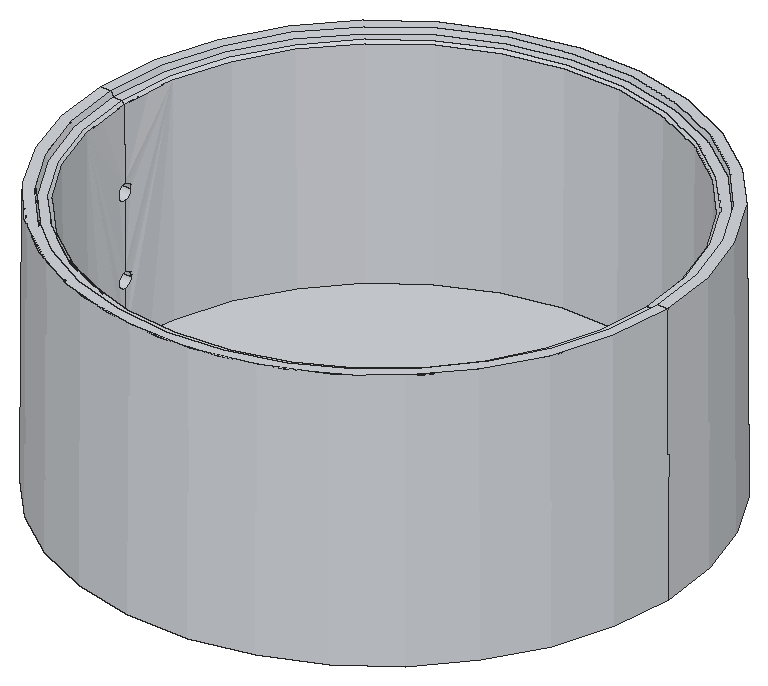
Revit family "Кольцо 2000х1010 с дном с замком КОД", category Обобщенные модели, Revit 2023
Family settings
  Может служить основой для арматурных стержней = Нет
  Размер круглого соединителя = Использовать диаметр
  Тип детали = Нормальный
  На основе рабочей плоскости = Нет
  Всегда вертикально = Да
  При загрузке вырезать с полостями = Нет
  Сохранять ориентацию аннотаций = Нет
  Общий = Нет
  Точка принадлежности помещению = Нет
Parameters (values of type "Кольцо 2000х1010 с дном с замком КОД")
  фаска = 10 mm
  толщина_дна = 150 mm
  толщ_на_h2_расч = (t1 - t2) / 2 * (h1 + h2) / ADSK_Размер_Высота + 10 mm  # 13.342 mm
  толщ_на_h1_расч = (t1 - t2) / 2 * h1 / ADSK_Размер_Высота + 10 mm  # 11.832 mm
  сужение_низ = 5 mm
  отступ_низ = 36 mm
  отступ_верх = 38.5 mm
  выступ = 20 mm
  вырез2 = yes
  вырез1 = yes
  Отметка по умолчанию = 0 mm
  t2 = 90 mm
  t1 = 100 mm
  h2 = 305 mm
  h1 = 370 mm
  d1 = 20 mm * tan(20.00°)  # 7.279 mm
  ADSK_Размер_Диаметр = 2020 mm
  ADSK_Размер_Высота = 1010 mm
  ADSK_Масса = 1597
Reference planes
  plane 1 "По центру (Вперед/Назад)": y = 0
  plane 2: z = 0
  plane 3 "По центру (Влево/Вправо)": x = 0
  plane 4: x = 1010
  plane 5: x = -1010
  plane 6: y = 1010
  plane 7: y = -1010
  plane 8: z = 990
  plane 9: z = 1010
  plane 10: z = 150
  plane 11: x = -1105
  plane 12: x = 1105
  plane 13: y = 1105
  plane 14: y = -1105
  plane 15: y = 1100
  plane 16: y = -1100
  plane 17: x = -1100
  plane 18: x = 1100
  plane 19: x = 1061.5
  plane 20: x = 1054.221
  plane 21: z = 980
  plane 22: x = 1020
  plane 23: z = 370
  plane 24: z = 675
  plane 25: y = 1005
  plane 26: y = -1005
  plane 27: x = -1005
  plane 28: x = 1005
  plane 29: x = -1091.658
  plane 30: x = -1093.168
  plane 31: x = 1091.658
  plane 32: x = 1093.168
Forms (mm)
  Revolve 1, solid
    sketch origin (0, 0, 0) x (1, 0, 0) y (0, 0, 1)
      loop
        line (1010, 980) -> (1005, 150) -> (0, 150) -> (0, 0) -> (1105, 0) -> (1100, 1010) -> (1061.5, 1010) -> (1054.221, 990) -> (1020, 990) -> (1010, 980)
      axis (0, 0) -> (0, 1010)
    angle from 0 to 360
  Extrusion 2, void
    sketch origin (0, 0, 0) x (0, -1, 0) y (0, 0, 1)
      loop
        circle (0, 675) r 30
    from -1091.658 to 1091.658
  Extrusion 3, void
    sketch origin (0, 0, 0) x (0, -1, 0) y (0, 0, 1)
      loop
        circle (0, 370) r 30
    from -1093.168 to 1093.168
Cuts and joins
  Extrusion 2, Extrusion 3 cuts Revolve 1
Dimensions and locks
  equal spacing: plane 5, plane 3 "По центру (Влево/Вправо)", plane 4
  equal spacing: plane 7, plane 1 "По центру (Вперед/Назад)", plane 6
  "ADSK_Размер_Диаметр": plane 5 to plane 4
  "ADSK_Размер_Диаметр": plane 7 to plane 6
  "выступ": plane 9 to plane 8
  "толщина_дна": plane 10 to level
  "t1": plane 11 to plane 27
  "t1": plane 28 to plane 12
  "t2": plane 6 to plane 15
  "t2": plane 16 to plane 7
  "t2": plane 17 to plane 5
  "t2": plane 4 to plane 18
  "отступ_верх": plane 18 to plane 19
  "d1": plane 19 to plane 20
  "фаска": plane 8 to plane 21
  "фаска": plane 22 to plane 4
  "h1": plane 23 to level
  "h2": plane 24 to plane 23
  "ADSK_Размер_Высота": plane 9 to level
  "сужение_низ": plane 5 to plane 27
  "сужение_низ": plane 28 to plane 4
  "сужение_низ": plane 25 to plane 6
  "сужение_низ": plane 7 to plane 26
  "t1": plane 14 to plane 26
  "t1": plane 25 to plane 13
  "толщ_на_h2_расч": plane 29 to plane 11
  "толщ_на_h1_расч": plane 30 to plane 11
  "толщ_на_h2_расч": plane 12 to plane 31
  "толщ_на_h1_расч": plane 12 to plane 32
  aligned and locked: level to plane 2
  aligned and locked: Revolve 1 sketch curve to plane 8
  aligned and locked: Revolve 1 sketch curve to plane 9
  aligned and locked: Revolve 1 sketch curve to level
  aligned and locked: Extrusion 2 to plane 29
  aligned and locked: Extrusion 3 to plane 30
  aligned and locked: plane 31 to Extrusion 2
  aligned and locked: plane 32 to Extrusion 3
  aligned and locked: Revolve 1 sketch curve to plane 3 "По центру (Влево/Вправо)"
  aligned and locked: plane 10 to Revolve 1 sketch curve
Automatic sketch dimensions
  Extrusion 2 sketch curve to plane 1 "По центру (Вперед/Назад)" = 0 mm
  Extrusion 2 sketch curve to plane 24 = 0 mm
  Extrusion 3 sketch curve to plane 1 "По центру (Вперед/Назад)" = 0 mm
  Extrusion 3 sketch curve to plane 23 = 0 mm
  Revolve 1 sketch curve to level = 0 mm
  Revolve 1 sketch curve to plane 3 "По центру (Влево/Вправо)" = 0 mm
  Revolve 1 sketch curve to plane 28 = 0 mm
  Revolve 1 sketch curve to plane 4 = 0 mm
  Revolve 1 sketch curve to plane 22 = 0 mm
  Revolve 1 sketch curve to plane 20 = 0 mm
  Revolve 1 sketch curve to plane 19 = 0 mm
  Revolve 1 sketch curve to plane 18 = 0 mm
  Revolve 1 sketch curve to plane 12 = 0 mm
  Revolve 1 sketch curve to plane 21 = 0 mm
  Revolve 1 sketch curve to plane 9 = 0 mm
  radius of Extrusion 2 sketch curve = 30 mm
  radius of Extrusion 3 sketch curve = 30 mm
